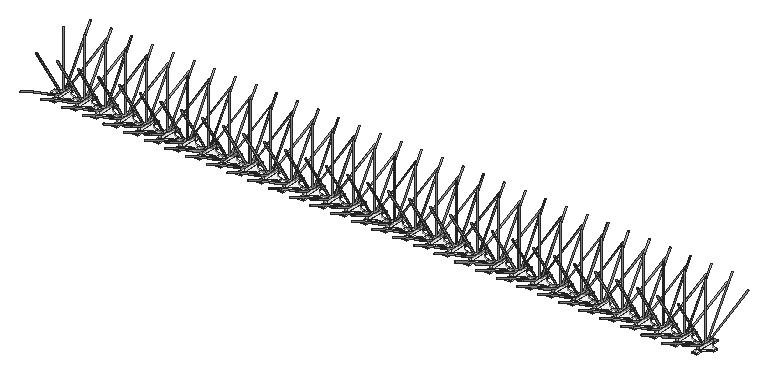
Revit family "BirdControl_Spikes_BirdBGone_2001", category Specialty Equipment, Revit 2016
Family settings
  Part Type = Normal
  Round Connector Dimension = Use Diameter
  OmniClass Number = 23.40.10.14.14.99
  OmniClass Title = Other Manufactured Exterior Specialties
  Cut with Voids When Loaded = No
  Shared = No
  Room Calculation Point = No
Parameters (values of type "BirdBGone template - Line Based")
  Warranty Duration (Years) = 0
  URL = "http://www.birdbgone.com/"
  Test Data = "http://www.birdbgone.com/bird-control-product-msds"
  Units [instance] = [built-in parameter 1001306] / 0' 1 1/2"  # 32
  Specification = "http://www.arcat.com/sdspecs/htm/10290bir.htm"
  SpecWizard = ""
  Send Message = "http://www.arcat.com/users.pl?action=UserEmail&company=Bird-B-Gone,%20Inc.&coid=38371&rep=147&fax=949-472-3116&mf="
  Sales Information = "http://www.birdbgone.com/bird-control-store/"
  Revision = "R1_10-2010"
  Product Properties = "http://www.arcat.com/bim/bim_info.pl?fn=BirdBGone"
  Product Data = "http://www.arcat.com/arcatcos/cos38/arc38371.html"
  Model = "As Specified in 10 81 19"
  Middle Front Row = yes
  Material = Metal - Stainless Steel - Bird B Gone
  Manufacturer Website = "http://www.birdbgone.com/"
  Manufacturer Phone - Toll Free = "800-392-6915"
  Manufacturer Phone = "949-472-3122"
  Manufacturer Fax = "949-472-3116"
  Manufacturer Address = "23918 Skyline, Mission Viejo, CA 92692"
  Manufacturer = "Bird-B-Gone, Inc."
  Maintenance Schedule (Months) = 0
  built-in parameter 1001306 [instance] = 4' - 0"
  Keynote = "10 81 19"
  Installation-Fabrication = "http://www.birdbgone.com/installation-instructions"
  Installation Phase = ""
  Green Building-LEED = "http://www.arcat.com/green/clients/leed_data_38371.html"
  Expected Lifespan (Years) = 0
  Drawn By = "Robert S. Weygant, CSI, CDT, SCIP"
  Description = "Bird Control Equipment as Specified in 10 81 19"
  Copyright = "2010 ARCAT, Inc."
  Construction Details = "http://www.arcat.com/details/birdbgon/birdbgon.html?coid=38371"
  Building Codes = "http://www.birdbgone.com/knowledge-center/"
  End Rows = yes
  Middle Back Row = yes
  Base Material = Plastic - Bird B Gone - Polycarbonate - Crystal Clear
  Assembly Code = "E1090900"
Reference planes (in)
  plane 1 "Center (Front/Back)": y = 0
  plane 2: z = 0
  plane 3 "Left": x = 0
  plane 4 "Right": x = 48
  plane 5: y = 0.625
  plane 6: y = -0.625
Lines and regions (in)
  reference lines
    curve 1: line (0, 0, 0) -> (48, 0, 0)
Dimensions and locks (in)
  "built-in parameter 1001306": plane 3 "Left" to plane 4 "Right"
  equal spacing: plane 5, curve 1, plane 6
  locked: plane 5 to plane 6 at 1.25
  equal spacing: group 1, group 2, group 3, group 4, group 5, group 6, group 7, group 8, group 9, group 10, group 11, group 12, group 13, group 14, group 15, group 16, group 17, group 18, group 19, group 20, group 21, group 22, group 23, group 24, group 25, group 26, group 27, group 28, group 29, group 30, group 31, group 32  (x3)
  aligned and locked: plane 4 "Right" to curve 1
  aligned and locked: plane 3 "Left" to curve 1
Nested families (in)
  nested 1: "SpikeUnit_2001" at (0.75, 0, 0) x (0, 1, 0) z (0, 0, 1), Middle Back Row <- "Middle Back Row", End Rows <- "End Rows", Material <- "Material", Base Material <- "Base Material", Middle Front Row <- "Middle Front Row", type "BirdBGone template - Standalone"
    with offset 0' - 0", Unit Height 0' - 4 1/2", Middle Back Row yes, Material Metal - Stainless Steel - Bird B Gone, End Rows yes, Base Material Plastic - Bird B Gone - Polycarbonate - Crystal Clear
  nested 2: "SpikeUnit_2001" at (2.25, 0, 0) x (0, 1, 0) z (0, 0, 1), Middle Back Row <- "Middle Back Row", End Rows <- "End Rows", Material <- "Material", Base Material <- "Base Material", Middle Front Row <- "Middle Front Row", type "BirdBGone template - Standalone"
    with offset 0' - 0", Unit Height 0' - 4 1/2", Middle Front Row yes, Middle Back Row yes, Material Metal - Stainless Steel - Bird B Gone, End Rows yes, Base Material Plastic - Bird B Gone - Polycarbonate - Crystal Clear
  nested 3: "SpikeUnit_2001" at (3.75, 0, 0) x (0, 1, 0) z (0, 0, 1), Middle Back Row <- "Middle Back Row", End Rows <- "End Rows", Material <- "Material", Base Material <- "Base Material", Middle Front Row <- "Middle Front Row", type "BirdBGone template - Standalone"
    with offset 0' - 0", Unit Height 0' - 4 1/2", Middle Front Row yes, Middle Back Row yes, Material Metal - Stainless Steel - Bird B Gone, End Rows yes, Base Material Plastic - Bird B Gone - Polycarbonate - Crystal Clear
  nested 4: "SpikeUnit_2001" at (5.25, 0, 0) x (0, 1, 0) z (0, 0, 1), Middle Back Row <- "Middle Back Row", End Rows <- "End Rows", Material <- "Material", Base Material <- "Base Material", Middle Front Row <- "Middle Front Row", type "BirdBGone template - Standalone"
    with offset 0' - 0", Unit Height 0' - 4 1/2", Middle Front Row yes, Middle Back Row yes, Material Metal - Stainless Steel - Bird B Gone, End Rows yes, Base Material Plastic - Bird B Gone - Polycarbonate - Crystal Clear
  nested 5: "SpikeUnit_2001" at (6.75, 0, 0) x (0, 1, 0) z (0, 0, 1), Middle Back Row <- "Middle Back Row", End Rows <- "End Rows", Material <- "Material", Base Material <- "Base Material", Middle Front Row <- "Middle Front Row", type "BirdBGone template - Standalone"
    with offset 0' - 0", Unit Height 0' - 4 1/2", Middle Front Row yes, Middle Back Row yes, Material Metal - Stainless Steel - Bird B Gone, End Rows yes, Base Material Plastic - Bird B Gone - Polycarbonate - Crystal Clear
  nested 6: "SpikeUnit_2001" at (8.25, 0, 0) x (0, 1, 0) z (0, 0, 1), Middle Back Row <- "Middle Back Row", End Rows <- "End Rows", Material <- "Material", Base Material <- "Base Material", Middle Front Row <- "Middle Front Row", type "BirdBGone template - Standalone"
    with offset 0' - 0", Unit Height 0' - 4 1/2", Middle Front Row yes, Middle Back Row yes, Material Metal - Stainless Steel - Bird B Gone, End Rows yes, Base Material Plastic - Bird B Gone - Polycarbonate - Crystal Clear
  nested 7: "SpikeUnit_2001" at (9.75, 0, 0) x (0, 1, 0) z (0, 0, 1), Middle Back Row <- "Middle Back Row", End Rows <- "End Rows", Material <- "Material", Base Material <- "Base Material", Middle Front Row <- "Middle Front Row", type "BirdBGone template - Standalone"
    with offset 0' - 0", Unit Height 0' - 4 1/2", Middle Front Row yes, Middle Back Row yes, Material Metal - Stainless Steel - Bird B Gone, End Rows yes, Base Material Plastic - Bird B Gone - Polycarbonate - Crystal Clear
  nested 8: "SpikeUnit_2001" at (11.25, 0, 0) x (0, 1, 0) z (0, 0, 1), Middle Back Row <- "Middle Back Row", End Rows <- "End Rows", Material <- "Material", Base Material <- "Base Material", Middle Front Row <- "Middle Front Row", type "BirdBGone template - Standalone"
    with offset 0' - 0", Unit Height 0' - 4 1/2", Middle Front Row yes, Middle Back Row yes, Material Metal - Stainless Steel - Bird B Gone, End Rows yes, Base Material Plastic - Bird B Gone - Polycarbonate - Crystal Clear
  nested 9: "SpikeUnit_2001" at (12.75, 0, 0) x (0, 1, 0) z (0, 0, 1), Middle Back Row <- "Middle Back Row", End Rows <- "End Rows", Material <- "Material", Base Material <- "Base Material", Middle Front Row <- "Middle Front Row", type "BirdBGone template - Standalone"
    with offset 0' - 0", Unit Height 0' - 4 1/2", Middle Front Row yes, Middle Back Row yes, Material Metal - Stainless Steel - Bird B Gone, End Rows yes, Base Material Plastic - Bird B Gone - Polycarbonate - Crystal Clear
  nested 10: "SpikeUnit_2001" at (14.25, 0, 0) x (0, 1, 0) z (0, 0, 1), Middle Back Row <- "Middle Back Row", End Rows <- "End Rows", Material <- "Material", Base Material <- "Base Material", Middle Front Row <- "Middle Front Row", type "BirdBGone template - Standalone"
    with offset 0' - 0", Unit Height 0' - 4 1/2", Middle Front Row yes, Middle Back Row yes, Material Metal - Stainless Steel - Bird B Gone, End Rows yes, Base Material Plastic - Bird B Gone - Polycarbonate - Crystal Clear
  nested 11: "SpikeUnit_2001" at (15.75, 0, 0) x (0, 1, 0) z (0, 0, 1), Middle Back Row <- "Middle Back Row", End Rows <- "End Rows", Material <- "Material", Base Material <- "Base Material", Middle Front Row <- "Middle Front Row", type "BirdBGone template - Standalone"
    with offset 0' - 0", Unit Height 0' - 4 1/2", Middle Front Row yes, Middle Back Row yes, Material Metal - Stainless Steel - Bird B Gone, End Rows yes, Base Material Plastic - Bird B Gone - Polycarbonate - Crystal Clear
  nested 12: "SpikeUnit_2001" at (17.25, 0, 0) x (0, 1, 0) z (0, 0, 1), Middle Back Row <- "Middle Back Row", End Rows <- "End Rows", Material <- "Material", Base Material <- "Base Material", Middle Front Row <- "Middle Front Row", type "BirdBGone template - Standalone"
    with offset 0' - 0", Unit Height 0' - 4 1/2", Middle Front Row yes, Middle Back Row yes, Material Metal - Stainless Steel - Bird B Gone, End Rows yes, Base Material Plastic - Bird B Gone - Polycarbonate - Crystal Clear
  nested 13: "SpikeUnit_2001" at (18.75, 0, 0) x (0, 1, 0) z (0, 0, 1), Middle Back Row <- "Middle Back Row", End Rows <- "End Rows", Material <- "Material", Base Material <- "Base Material", Middle Front Row <- "Middle Front Row", type "BirdBGone template - Standalone"
    with offset 0' - 0", Unit Height 0' - 4 1/2", Middle Front Row yes, Middle Back Row yes, Material Metal - Stainless Steel - Bird B Gone, End Rows yes, Base Material Plastic - Bird B Gone - Polycarbonate - Crystal Clear
  nested 14: "SpikeUnit_2001" at (20.25, 0, 0) x (0, 1, 0) z (0, 0, 1), Middle Back Row <- "Middle Back Row", End Rows <- "End Rows", Material <- "Material", Base Material <- "Base Material", Middle Front Row <- "Middle Front Row", type "BirdBGone template - Standalone"
    with offset 0' - 0", Unit Height 0' - 4 1/2", Middle Front Row yes, Middle Back Row yes, Material Metal - Stainless Steel - Bird B Gone, End Rows yes, Base Material Plastic - Bird B Gone - Polycarbonate - Crystal Clear
  nested 15: "SpikeUnit_2001" at (21.75, 0, 0) x (0, 1, 0) z (0, 0, 1), Middle Back Row <- "Middle Back Row", End Rows <- "End Rows", Material <- "Material", Base Material <- "Base Material", Middle Front Row <- "Middle Front Row", type "BirdBGone template - Standalone"
    with offset 0' - 0", Unit Height 0' - 4 1/2", Middle Front Row yes, Middle Back Row yes, Material Metal - Stainless Steel - Bird B Gone, End Rows yes, Base Material Plastic - Bird B Gone - Polycarbonate - Crystal Clear
  nested 16: "SpikeUnit_2001" at (23.25, 0, 0) x (0, 1, 0) z (0, 0, 1), Middle Back Row <- "Middle Back Row", End Rows <- "End Rows", Material <- "Material", Base Material <- "Base Material", Middle Front Row <- "Middle Front Row", type "BirdBGone template - Standalone"
    with offset 0' - 0", Unit Height 0' - 4 1/2", Middle Front Row yes, Middle Back Row yes, Material Metal - Stainless Steel - Bird B Gone, End Rows yes, Base Material Plastic - Bird B Gone - Polycarbonate - Crystal Clear
  nested 17: "SpikeUnit_2001" at (24.75, 0, 0) x (0, 1, 0) z (0, 0, 1), Middle Back Row <- "Middle Back Row", End Rows <- "End Rows", Material <- "Material", Base Material <- "Base Material", Middle Front Row <- "Middle Front Row", type "BirdBGone template - Standalone"
    with offset 0' - 0", Unit Height 0' - 4 1/2", Middle Front Row yes, Middle Back Row yes, Material Metal - Stainless Steel - Bird B Gone, End Rows yes, Base Material Plastic - Bird B Gone - Polycarbonate - Crystal Clear
  nested 18: "SpikeUnit_2001" at (26.25, 0, 0) x (0, 1, 0) z (0, 0, 1), Middle Back Row <- "Middle Back Row", End Rows <- "End Rows", Material <- "Material", Base Material <- "Base Material", Middle Front Row <- "Middle Front Row", type "BirdBGone template - Standalone"
    with offset 0' - 0", Unit Height 0' - 4 1/2", Middle Front Row yes, Middle Back Row yes, Material Metal - Stainless Steel - Bird B Gone, End Rows yes, Base Material Plastic - Bird B Gone - Polycarbonate - Crystal Clear
  nested 19: "SpikeUnit_2001" at (27.75, 0, 0) x (0, 1, 0) z (0, 0, 1), Middle Back Row <- "Middle Back Row", End Rows <- "End Rows", Material <- "Material", Base Material <- "Base Material", Middle Front Row <- "Middle Front Row", type "BirdBGone template - Standalone"
    with offset 0' - 0", Unit Height 0' - 4 1/2", Middle Front Row yes, Middle Back Row yes, Material Metal - Stainless Steel - Bird B Gone, End Rows yes, Base Material Plastic - Bird B Gone - Polycarbonate - Crystal Clear
  nested 20: "SpikeUnit_2001" at (29.25, 0, 0) x (0, 1, 0) z (0, 0, 1), Middle Back Row <- "Middle Back Row", End Rows <- "End Rows", Material <- "Material", Base Material <- "Base Material", Middle Front Row <- "Middle Front Row", type "BirdBGone template - Standalone"
    with offset 0' - 0", Unit Height 0' - 4 1/2", Middle Front Row yes, Middle Back Row yes, Material Metal - Stainless Steel - Bird B Gone, End Rows yes, Base Material Plastic - Bird B Gone - Polycarbonate - Crystal Clear
  nested 21: "SpikeUnit_2001" at (30.75, 0, 0) x (0, 1, 0) z (0, 0, 1), Middle Back Row <- "Middle Back Row", End Rows <- "End Rows", Material <- "Material", Base Material <- "Base Material", Middle Front Row <- "Middle Front Row", type "BirdBGone template - Standalone"
    with offset 0' - 0", Unit Height 0' - 4 1/2", Middle Front Row yes, Middle Back Row yes, Material Metal - Stainless Steel - Bird B Gone, End Rows yes, Base Material Plastic - Bird B Gone - Polycarbonate - Crystal Clear
  nested 22: "SpikeUnit_2001" at (32.25, 0, 0) x (0, 1, 0) z (0, 0, 1), Middle Back Row <- "Middle Back Row", End Rows <- "End Rows", Material <- "Material", Base Material <- "Base Material", Middle Front Row <- "Middle Front Row", type "BirdBGone template - Standalone"
    with offset 0' - 0", Unit Height 0' - 4 1/2", Middle Front Row yes, Middle Back Row yes, Material Metal - Stainless Steel - Bird B Gone, End Rows yes, Base Material Plastic - Bird B Gone - Polycarbonate - Crystal Clear
  nested 23: "SpikeUnit_2001" at (33.75, 0, 0) x (0, 1, 0) z (0, 0, 1), Middle Back Row <- "Middle Back Row", End Rows <- "End Rows", Material <- "Material", Base Material <- "Base Material", Middle Front Row <- "Middle Front Row", type "BirdBGone template - Standalone"
    with offset 0' - 0", Unit Height 0' - 4 1/2", Middle Front Row yes, Middle Back Row yes, Material Metal - Stainless Steel - Bird B Gone, End Rows yes, Base Material Plastic - Bird B Gone - Polycarbonate - Crystal Clear
  nested 24: "SpikeUnit_2001" at (35.25, 0, 0) x (0, 1, 0) z (0, 0, 1), Middle Back Row <- "Middle Back Row", End Rows <- "End Rows", Material <- "Material", Base Material <- "Base Material", Middle Front Row <- "Middle Front Row", type "BirdBGone template - Standalone"
    with offset 0' - 0", Unit Height 0' - 4 1/2", Middle Front Row yes, Middle Back Row yes, Material Metal - Stainless Steel - Bird B Gone, End Rows yes, Base Material Plastic - Bird B Gone - Polycarbonate - Crystal Clear
  nested 25: "SpikeUnit_2001" at (36.75, 0, 0) x (0, 1, 0) z (0, 0, 1), Middle Back Row <- "Middle Back Row", End Rows <- "End Rows", Material <- "Material", Base Material <- "Base Material", Middle Front Row <- "Middle Front Row", type "BirdBGone template - Standalone"
    with offset 0' - 0", Unit Height 0' - 4 1/2", Middle Front Row yes, Middle Back Row yes, Material Metal - Stainless Steel - Bird B Gone, End Rows yes, Base Material Plastic - Bird B Gone - Polycarbonate - Crystal Clear
  nested 26: "SpikeUnit_2001" at (38.25, 0, 0) x (0, 1, 0) z (0, 0, 1), Middle Back Row <- "Middle Back Row", End Rows <- "End Rows", Material <- "Material", Base Material <- "Base Material", Middle Front Row <- "Middle Front Row", type "BirdBGone template - Standalone"
    with offset 0' - 0", Unit Height 0' - 4 1/2", Middle Front Row yes, Middle Back Row yes, Material Metal - Stainless Steel - Bird B Gone, End Rows yes, Base Material Plastic - Bird B Gone - Polycarbonate - Crystal Clear
  nested 27: "SpikeUnit_2001" at (39.75, 0, 0) x (0, 1, 0) z (0, 0, 1), Middle Back Row <- "Middle Back Row", End Rows <- "End Rows", Material <- "Material", Base Material <- "Base Material", Middle Front Row <- "Middle Front Row", type "BirdBGone template - Standalone"
    with offset 0' - 0", Unit Height 0' - 4 1/2", Middle Front Row yes, Middle Back Row yes, Material Metal - Stainless Steel - Bird B Gone, End Rows yes, Base Material Plastic - Bird B Gone - Polycarbonate - Crystal Clear
  nested 28: "SpikeUnit_2001" at (41.25, 0, 0) x (0, 1, 0) z (0, 0, 1), Middle Back Row <- "Middle Back Row", End Rows <- "End Rows", Material <- "Material", Base Material <- "Base Material", Middle Front Row <- "Middle Front Row", type "BirdBGone template - Standalone"
    with offset 0' - 0", Unit Height 0' - 4 1/2", Middle Front Row yes, Middle Back Row yes, Material Metal - Stainless Steel - Bird B Gone, End Rows yes, Base Material Plastic - Bird B Gone - Polycarbonate - Crystal Clear
  nested 29: "SpikeUnit_2001" at (42.75, 0, 0) x (0, 1, 0) z (0, 0, 1), Middle Back Row <- "Middle Back Row", End Rows <- "End Rows", Material <- "Material", Base Material <- "Base Material", Middle Front Row <- "Middle Front Row", type "BirdBGone template - Standalone"
    with offset 0' - 0", Unit Height 0' - 4 1/2", Middle Front Row yes, Middle Back Row yes, Material Metal - Stainless Steel - Bird B Gone, End Rows yes, Base Material Plastic - Bird B Gone - Polycarbonate - Crystal Clear
  nested 30: "SpikeUnit_2001" at (44.25, 0, 0) x (0, 1, 0) z (0, 0, 1), Middle Back Row <- "Middle Back Row", End Rows <- "End Rows", Material <- "Material", Base Material <- "Base Material", Middle Front Row <- "Middle Front Row", type "BirdBGone template - Standalone"
    with offset 0' - 0", Unit Height 0' - 4 1/2", Middle Front Row yes, Middle Back Row yes, Material Metal - Stainless Steel - Bird B Gone, End Rows yes, Base Material Plastic - Bird B Gone - Polycarbonate - Crystal Clear
  nested 31: "SpikeUnit_2001" at (45.75, 0, 0) x (0, 1, 0) z (0, 0, 1), Middle Back Row <- "Middle Back Row", End Rows <- "End Rows", Material <- "Material", Base Material <- "Base Material", Middle Front Row <- "Middle Front Row", type "BirdBGone template - Standalone"
    with offset 0' - 0", Unit Height 0' - 4 1/2", Middle Front Row yes, Middle Back Row yes, Material Metal - Stainless Steel - Bird B Gone, End Rows yes, Base Material Plastic - Bird B Gone - Polycarbonate - Crystal Clear
  nested 32: "SpikeUnit_2001" at (47.25, 0, 0) x (0, 1, 0) z (0, 0, 1), Middle Back Row <- "Middle Back Row", End Rows <- "End Rows", Material <- "Material", Base Material <- "Base Material", Middle Front Row <- "Middle Front Row", type "BirdBGone template - Standalone"
    with offset 0' - 0", Unit Height 0' - 4 1/2", Middle Front Row yes, Middle Back Row yes, Material Metal - Stainless Steel - Bird B Gone, End Rows yes, Base Material Plastic - Bird B Gone - Polycarbonate - Crystal Clear
Definition of nested family "SpikeUnit_2001"
  Parameters
    offset [instance] = 0' - 0"
    Warranty Duration (Years) = 0
    Unit Width = 0' - 7"
    Unit Height [instance] = 0' - 4 1/2"
    Unit Depth = 0' - 0 1/4"
    URL = "http://www.birdbgone.com/"
    Test Data = "http://www.birdbgone.com/bird-control-product-msds"
    Specification = "http://www.arcat.com/sdspecs/htm/10290bir.htm"
    SpecWizard = ""
    Send Message = "http://www.arcat.com/users.pl?action=UserEmail&company=Bird-B-Gone,%20Inc.&coid=38371&rep=147&fax=949-472-3116&mf="
    Sales Information = "http://www.birdbgone.com/bird-control-store/"
    Revision = "R1_10-2010"
    Product Properties = "http://www.arcat.com/bim/bim_info.pl?fn=BirdBGone"
    Product Data = "http://www.arcat.com/arcatcos/cos38/arc38371.html"
    Model = "As Specified in 10 81 19"
    Middle Front Row [instance] = yes
    Middle Back Row [instance] = yes
    Material [instance] = none
    Manufacturer Website = "http://www.birdbgone.com/"
    Manufacturer Phone - Toll Free = "800-392-6915"
    Manufacturer Phone = "949-472-3122"
    Manufacturer Fax = "949-472-3116"
    Manufacturer Address = "23918 Skyline, Mission Viejo, CA 92692"
    Manufacturer = "Bird-B-Gone, Inc."
    Maintenance Schedule (Months) = 0
    Keynote = "10 81 19"
    Installation-Fabrication = "http://www.birdbgone.com/installation-instructions"
    Installation Phase = ""
    Green Building-LEED = "http://www.arcat.com/green/clients/leed_data_38371.html"
    Expected Lifespan (Years) = 0
    End Rows [instance] = yes
    Drawn By = "Robert S. Weygant, CSI, CDT, SCIP"
    Description = "Bird Control Equipment as Specified in 10 81 19"
    Copyright = "wt"
    Construction Details = "http://www.arcat.com/details/birdbgon/birdbgon.html?coid=38371"
    Building Codes = "http://www.birdbgone.com/knowledge-center/"
    Base Material [instance] = none
    Assembly Code = "E1090900"
  Reference planes (in)
    plane 1 "Center (Front/Back)": y = 0
    plane 2 "Bottom": z = 0
    plane 3 "Center (Left/Right)": x = 0
    plane 4 "Top": z = 4.5
    plane 5: x = -1
    plane 6: x = 1
    plane 7: y = -0.75
    plane 8: y = 0.75
  Forms (in)
    Extrusion 1, solid, material <- "Base Material"
      sketch origin (0, 0, 0) x (1, 0, 0) y (0, 1, 0)
        loop
          line (1, 0.1875) -> (0.5519, 0.1875)
          arc (0.5519, 0.1875) -> (0.40496, 0.23525) -> (0.31414, 0.36025) r 0.25
          line (0.31414, 0.36025) -> (0.1875, 0.75) -> (-0.1875, 0.75) -> (-0.31414, 0.36025)
          arc (-0.31414, 0.36025) -> (-0.40496, 0.23525) -> (-0.5519, 0.1875) r 0.25
          line (-0.5519, 0.1875) -> (-1, 0.1875) -> (-1, -0.1875) -> (-0.5519, -0.1875)
          arc (-0.5519, -0.1875) -> (-0.40496, -0.23525) -> (-0.31414, -0.36025) r 0.25
          line (-0.31414, -0.36025) -> (-0.1875, -0.75) -> (0.1875, -0.75) -> (0.31414, -0.36025)
          arc (0.31414, -0.36025) -> (0.40496, -0.23525) -> (0.5519, -0.1875) r 0.25
          line (0.5519, -0.1875) -> (1, -0.1875) -> (1, 0.1875)
      from 0 to 0.125
    Extrusion 2, solid, material <- "Base Material"
      sketch origin (0, 0, 0) x (0, 1, 0) y (-1, 0, 0)
        loop
          line (-0.125, 0.625) -> (-0.125, -0.625) -> (0.125, -0.625) -> (0.125, 0.625) -> (-0.125, 0.625)
      from 0 to 0.375
    Sweep 3, solid, material <- "Material", detail levels medium+fine
      path origin (0, 0, 0) x (0.707107, 0, 0.707107) y (-0.707107, 0, 0.707107)
        loop
          line (0.26517, 0.26517) -> (3.18198, 3.18198)
      profile origin (0, 0, 2.4375) x (-1, 0, 0) y (0, -1, 0)
        loop
          circle (0, 0) r 0.03125
    Sweep 4, solid, material <- "Material", visible <- "Middle Front Row", detail levels medium+fine
      path origin (0.05128, 0, 0.05698) x (0.97437, 0, 0.224951) y (-0.224951, 0, 0.97437)
        loop
          line (0.20443, 0.20443) -> (3.18198, 3.18198)
      profile origin (1.3202, 0, 2.08768) x (-0.848048, 0, 0.529919) y (0, -1, 0)
        loop
          circle (0, 0) r 0.03125
    Sweep 5, solid, material <- "Material", visible <- "End Rows", detail levels medium+fine
      path origin (-0.1741, 0, 0.04622) x (0.945519, 0, -0.325568) y (0.325568, 0, 0.945519)
        loop
          line (0.41987, 0.41987) -> (3.18198, 3.18198)
      profile origin (2.11504, 0, 1.16271) x (-0.438371, 0, 0.898794) y (0, -1, 0)
        loop
          circle (0, 0) r 0.03125
    Sweep 6, solid, material <- "Material", visible <- "Middle Back Row", detail levels medium+fine
      path origin (-0.05128, 0, 0.05698) x (-0.97437, 0, 0.224951) y (-0.224951, 0, -0.97437)
        loop
          line (0.20443, -0.20443) -> (3.18198, -3.18198)
      profile origin (-1.3202, 0, 2.08768) x (-0.848048, 0, -0.529919) y (0, -1, 0)
        loop
          circle (0, 0) r 0.03125
    Sweep 7, solid, material <- "Material", visible <- "End Rows", detail levels medium+fine
      path origin (0.1741, 0, 0.04622) x (-0.945519, 0, -0.325568) y (0.325568, 0, -0.945519)
        loop
          line (0.41987, -0.41987) -> (3.18198, -3.18198)
      profile origin (-2.11504, 0, 1.16271) x (-0.438371, 0, -0.898794) y (0, -1, 0)
        loop
          circle (0, 0) r 0.03125
  Cuts and joins
    joined: Extrusion 1, Extrusion 2
  Lines and regions (in)
    model lines, detail levels coarse
      curve 1: line (0, 0, 0.375) -> (0, 0, 4.5)
    model lines, visible <- "Middle Front Row", detail levels coarse
      curve 2: line (0.25, 0, 0.375) -> (2.43592, 0, 3.8732)
    model lines, visible <- "End Rows", detail levels coarse
      curve 3: line (0.5, 0, 0.375) -> (3.87048, 0, 2.01889)
      curve 5: line (-0.5, 0, 0.375) -> (-3.87048, 0, 2.01889)
    model lines, visible <- "Middle Back Row", detail levels coarse
      curve 4: line (-0.25, 0, 0.375) -> (-2.43592, 0, 3.8732)
  Dimensions and locks (in)
    "Unit Height": plane 4 "Top" to level
    plane 5 to plane 3 "Center (Left/Right)" = 0' - 1"
  Automatic sketch dimensions
    Extrusion 1 sketch curve to plane 5 = 0' - 0"
    Extrusion 1 sketch curve to plane 8 = 0' - 0"
    Extrusion 1 sketch curve to plane 7 = 0' - 0"
    Extrusion 1 sketch curve to plane 6 = 0' - 0"
    plane 5 to Extrusion 1 sketch curve = 0' - 0.4481"
    Extrusion 1 sketch curve to Extrusion 1 sketch curve = 0' - 0"
    Extrusion 1 sketch curve to Extrusion 1 sketch curve = 0' - 0.23776"  (x4)
    Extrusion 1 sketch curve to plane 3 "Center (Left/Right)" = 0' - 0 3/16"  (x2)
    plane 3 "Center (Left/Right)" to Extrusion 1 sketch curve = 0' - 0 3/16"  (x2)
    plane 3 "Center (Left/Right)" to Extrusion 1 sketch curve = 0' - 0.31414"  (x2)
    plane 7 to Extrusion 1 sketch curve = 0' - 0 5/16"  (x2)
    Extrusion 1 sketch curve to Extrusion 1 sketch curve = 0' - 0.07725"  (x2)
    Extrusion 1 sketch curve to plane 1 "Center (Front/Back)" = 0' - 0 3/16"  (x2)
    Extrusion 1 sketch curve to Extrusion 1 sketch curve = 0' - 0.17275"  (x2)
    curve 1 to plane 3 "Center (Left/Right)" = 0' - 0"  (x2)
    curve 1 to plane 4 "Top" = 0' - 0"
    curve 4 to curve 1 = 0' - 2.16567"
    curve 3 to curve 1 = 0' - 2.56326"
    curve 2 to curve 3 = 0' - 0.17678"
    curve 1 to curve 2 = 0' - 0.17678"
    curve 4 to curve 1 = 0' - 0.17678"
    curve 5 to curve 4 = 0' - 0.17678"
    curve 5 to curve 4 = 0' - 2.32558"
    curve 3 to curve 3 = 0' - 3.54569"
    curve 3 to curve 2 = 0' - 0.29681"
    curve 2 to curve 1 = 0' - 0.17678"
    curve 3 to curve 2 = 0' - 0.17678"
    curve 3 to curve 3 = 0' - 1.22088"
    curve 1 to curve 4 = 0' - 0.17678"
    curve 4 to curve 5 = 0' - 0.17678"
    curve 3 to curve 2 = 0' - 2.32558"
    curve 5 to curve 5 = 0' - 3.54569"
    curve 5 to curve 4 = 0' - 0.29681"
    plane 1 "Center (Front/Back)" to Extrusion 2 sketch curve = 0' - 0 1/8"
    Extrusion 2 sketch curve to plane 1 "Center (Front/Back)" = 0' - 0 1/8"
    plane 6 to Extrusion 2 sketch curve = 0' - 0 3/8"
    plane 5 to Extrusion 2 sketch curve = 0' - 0 3/8"
    Sweep 3 sketch curve to plane 3 "Center (Left/Right)" = 0' - 0"  (x2)
    Sweep 3 sketch curve to plane 4 "Top" = 0' - 0"
    Sweep 3 sketch curve to Sweep 3 sketch curve = 0' - 2.91682"
    Sweep 3 sketch curve to profile plane = 0' - 0"  (x2)
    plane 3 "Center (Left/Right)" to Sweep 4 sketch curve = 0' - 0.20448"
    level to Sweep 4 sketch curve = 0' - 0.30216"
    Sweep 4 sketch curve to Sweep 4 sketch curve = 0' - 2.97755"  (x2)
    Sweep 4 sketch curve to profile plane = 0' - 0"  (x2)
    level to Sweep 5 sketch curve = 0' - 0.30652"
    plane 3 "Center (Left/Right)" to Sweep 5 sketch curve = 0' - 0.35959"
    Sweep 5 sketch curve to Sweep 5 sketch curve = 0' - 2.76211"  (x2)
    Sweep 5 sketch curve to profile plane = 0' - 0"  (x2)
    Sweep 6 sketch curve to plane 3 "Center (Left/Right)" = 0' - 0.20448"
    level to Sweep 6 sketch curve = 0' - 0.30216"
    Sweep 6 sketch curve to Sweep 6 sketch curve = 0' - 2.97755"  (x2)
    Sweep 6 sketch curve to profile plane = 0' - 0"  (x2)
    level to Sweep 7 sketch curve = 0' - 0.30652"
    Sweep 7 sketch curve to plane 3 "Center (Left/Right)" = 0' - 0.35959"
    Sweep 7 sketch curve to Sweep 7 sketch curve = 0' - 2.76211"  (x2)
    Sweep 7 sketch curve to profile plane = 0' - 0"  (x2)
    radius of Sweep 3 sketch curve = 0' - 0 1/32"
    radius of Sweep 4 sketch curve = 0' - 0 1/32"
    radius of Sweep 5 sketch curve = 0' - 0 1/32"
    radius of Sweep 6 sketch curve = 0' - 0 1/32"
    radius of Sweep 7 sketch curve = 0' - 0 1/32"
